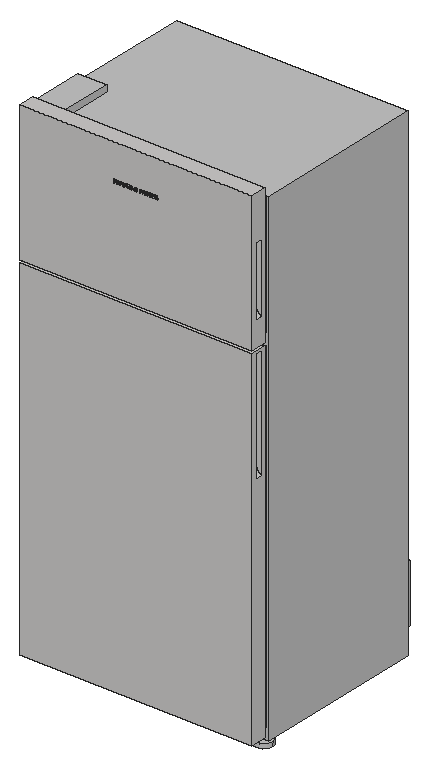
Revit family "FP_Revit_18_RF521TL_Fridges_90001130A", category Specialty Equipment, Revit 2018
Family settings
  Round Connector Dimension = Use Diameter
  Part Type = Normal
  OmniClass Number = 23.40.40.11.11.17
  OmniClass Title = Refrigerator-Freezer
  Work Plane-Based = No
  Always vertical = Yes
  Cut with Voids When Loaded = Yes
  Shared = No
  Room Calculation Point = No
Parameters (values of type "RF521TLPX6")
  Visibility - Clearance Required = yes
  URL = "www.fisherpaykel.com"
  Product - Width = 790 mm  # constant formula
  Product - Height = 1720 mm  # constant formula
  Product - Depth = 695 mm  # constant formula
  Model = "RF521TLPX6"
  Material - Door Structure = Fisher & Paykel - White
  Material - Door Front = Fisher & Paykel - Stainless Steel
  Material - Body = Fisher & Paykel - Grey
  Manufacturer = "Fisher & Paykel Appliances"
  Description = "79cm Freestanding Refrigerator with Bottom Freezer (Stainless)"
  Connector Description - Electrical = "230 V, 10 A, fused electrical supply"
  Chassis - Width = 790 mm  # constant formula
  Chassis - Height = 1662 mm  # constant formula
  Chassis - Depth = 625 mm  # constant formula
  Cavity - Width = 830 mm  # constant formula
  Cavity - Height = 1735 mm  # constant formula
  Cavity - Depth = 625 mm  # constant formula
Types (5, lengths in mm): name | Model | Material - Door Front | Description | Connector Description - Electrical
  (no name) | "RF521TLPX6" | Fisher & Paykel - Stainless Steel | "79cm Freestanding Refrigerator with Bottom Freezer (Stainless)" | "230 V, 10 A, fused electrical supply"
  RF521TLPX6 | "RF521TLPX6" | Fisher & Paykel - Stainless Steel | "79cm Freestanding Refrigerator with Bottom Freezer (Stainless)" | "230 V, 10 A, fused electrical supply"
  RF521TLZX6 | "RF521TLZX6" | Fisher & Paykel - Stainless Steel | "79cm Freestanding Refrigerator with Bottom Freezer (Stainless)" | "230 V, 10 A, fused electrical supply"
  RF521TLZW6 | "RF521TLZW6" | Fisher & Paykel - White | "79cm Freestanding Refrigerator with Bottom Freezer (White)" | "230 V, 10 A, fused electrical supply"
  RF521TLPW6 | "RF521TLPW6" | Fisher & Paykel - White | "79cm Freestanding Refrigerator with Bottom Freezer (White)" | "120 V, 10 A, fused electrical supply"
Reference planes
  plane 1 "Datum": y = 0
  plane 2: z = 0
  plane 3 "Center (Left/Right)": x = 0
  plane 4 "Product LHS": x = -395
  plane 5 "Product RHS": x = 395
  plane 6 "Product - Depth": y = 625
  plane 7 "Cavity LHS": x = -415
  plane 8 "Cavity RHS": x = 415
  plane 9 "Cavity - Depth": y = 625
  plane 10 "Handle Offset": x = 298
  plane 11 "Product Height": z = 1720
  plane 12 "Cavity Height": z = 1735
  plane 13 "Door Panel Front": y = -70
Forms (mm)
  Extrusion 1, solid, material "Fisher & Paykel - Grey" <- "Material - Body"
    sketch origin (0, 0, 0) x (0, 1, 0) y (0, 0, 1)
      loop
        line (0, 24) -> (595, 24) -> (595, 1686) -> (0, 1686) -> (0, 24)
    from -395 to 395
  Extrusion 2, solid, material "Fisher & Paykel - Grey" <- "Material - Body"
    sketch origin (0, 0, 0) x (1, 0, 0) y (0, 1, 0)
      loop
        circle (-365, 18.6) r 4.9
      loop
        circle (365, 18.6) r 4.9
    from 14 to 24
  Extrusion 3, solid, material "Fisher & Paykel - Grey" <- "Material - Body"
    sketch origin (0, 0, 0) x (1, 0, 0) y (0, 1, 0)
      loop
        circle (-365, 18.6) r 30
      loop
        circle (365, 18.6) r 30
    from 0 to 14
  Extrusion 4, solid, material "Fisher & Paykel - Grey" <- "Material - Body"
    sketch origin (0, 0, 0) x (1, 0, 0) y (0, 0, 1)
      loop
        circle (355.042, 69) r 5
    from -615 to -595
  Extrusion 5, solid, material "Fisher & Paykel - White" <- "Material - Door Structure"
    sketch origin (0, 0, 0) x (1, 0, 0) y (0, 1, 0)
      loop
        line (-387, 0) -> (-387, -15) -> (387, -15) -> (387, 0) -> (-387, 0)
    from 1269 to 1680
  Extrusion 6, solid, material "Fisher & Paykel - Stainless Steel" <- "Material - Door Front"
    sketch origin (0, 0, 0) x (1, 0, 0) y (0, 1, 0)
      loop
        line (-395, -15) -> (-395, -70) -> (395, -70) -> (395, -15) -> (-395, -15)
    from 1247 to 1720
  Extrusion 7, solid, material "Fisher & Paykel - Grey" <- "Material - Body", detail levels fine
    sketch origin (0, 0, -4) x (0, 1, 0) y (0, 0, 1)
      loop
        arc (62.091, 28) -> (87.5, 4) -> (112.909, 28) r 25.45
        line (112.909, 28) -> (62.091, 28)
      loop
        arc (503.639, 28) -> (529.047, 4) -> (554.456, 28) r 25.45
        line (554.456, 28) -> (503.639, 28)
    from 325.45 to 342.5
  Extrusion 8, solid, material "Fisher & Paykel - Clearance Required", visible <- "Visibility - Clearance Required", detail levels coarse
    sketch origin (0, 0, 0) x (1, 0, 0) y (0, 1, 0)
      loop
        line (-415, 625) -> (-415, 0) -> (-530, 0) -> (-530, -70) -> (415, -70) -> (415, 625) -> (-415, 625)
    from 0 to 1735
  Extrusion 9, void
    sketch origin (0, 0, 0) x (1, 0, 0) y (0, 1, 0)
      loop
        line (-415, 625) -> (-415, 0) -> (-530, 0) -> (-530, -70) -> (415, -70) -> (415, 625) -> (-415, 625)
    from 0 to 1735
  Extrusion 10, solid, material "Fisher & Paykel - Stainless Steel" <- "Material - Door Front"
    sketch origin (0, 0, 0) x (1, 0, 0) y (0, 1, 0)
      loop
        line (-395, -15) -> (-395, -70) -> (395, -70) -> (395, -15) -> (-395, -15)
    from 40 to 1237
  Extrusion 11, solid, material "Fisher & Paykel - White" <- "Material - Door Structure"
    sketch origin (0, 0, 0) x (1, 0, 0) y (0, 1, 0)
      loop
        line (-387, 0) -> (-387, -15) -> (387, -15) -> (387, 0) -> (-387, 0)
    from 62 to 1229
  Extrusion 12, solid, material "Fisher & Paykel - Grey" <- "Material - Body"
    sketch origin (229.237, 0, 0) x (0, 1, 0) y (0, 0, 1)
      loop
        line (595, 324) -> (595, 94) -> (625, 94) -> (625, 294) -> (595, 324)
    from -604.237 to 145.763
  Extrusion 13, solid, material "Fisher & Paykel - Grey" <- "Material - Body"
    sketch origin (0, 0, 0) x (0, 1, 0) y (0, 0, 1)
      loop
        line (595, 94) -> (595, 24) -> (625, 24) -> (625, 94) -> (595, 94)
    from -375 to 345
  Extrusion 14, solid, material "Fisher & Paykel - Grey" <- "Material - Body", detail levels fine
    sketch origin (0, 0, -4) x (0, 1, 0) y (0, 0, -1)
      loop
        line (62.091, -28) -> (112.909, -28)
        arc (112.909, -28) -> (87.5, -4) -> (62.091, -28) r 25.45
      loop
        line (503.639, -28) -> (554.456, -28)
        arc (554.456, -28) -> (529.047, -4) -> (503.639, -28) r 25.45
    from 325.45 to 342.5
  Extrusion 15, solid, material "Fisher & Paykel - Grey" <- "Material - Body"
    sketch origin (0, 0, 0) x (1, 0, 0) y (0, 1, 0)
      loop
        line (-296.4, 174) -> (-393.4, 174) -> (-393.4, -15) -> (-296.4, -15) -> (-296.4, 174)
    from 1686 to 1708
  Extrusion 16, solid, material "Fisher & Paykel - Clearance Required", visible <- "Visibility - Clearance Required", detail levels coarse
    sketch origin (0, 0, 0) x (1, 0, 0) y (0, 1, 0)
      loop
        line (-460.698, -70) -> (-975.827, -531.456)
        arc (-975.827, -531.456) -> (-135.432, -761.124) -> (395, -70) r 781.226
        line (395, -70) -> (-460.698, -70)
    from 0 to 1735
  Extrusion 17, void
    sketch origin (0, 0, 0) x (1, 0, 0) y (0, 0, 1)
      loop
        arc (395, 1570.451) -> (376.652, 1550.574) -> (370, 1524.354) r 55
        line (370, 1524.354) -> (370, 1376.823)
        arc (370, 1376.823) -> (376.652, 1350.604) -> (395, 1330.726) r 54.999
        line (395, 1330.726) -> (395, 1570.451)
      loop
        arc (395, 1230.725) -> (376.652, 1210.848) -> (370, 1184.628) r 55
        line (370, 1184.628) -> (370, 892.098)
        arc (370, 892.098) -> (376.652, 865.878) -> (395, 846.001) r 54.999
        line (395, 846.001) -> (395, 1230.725)
    from 29 to 56
Cuts and joins
  joined: Extrusion 12, Extrusion 13
  Extrusion 17 cuts Extrusion 1
  Extrusion 17 cuts Extrusion 5
  Extrusion 17 cuts Extrusion 6
  Extrusion 17 cuts Extrusion 10
  Extrusion 17 cuts Extrusion 11
  Extrusion 17 cuts Extrusion 16
Text (mm)
  text "Due to ongoing product development, product details are subject to change without notice. \nPlease always refer to www.fisherpaykel.com for the most current product information. \n© Fisher & Paykel 2020" at (41.04, -848.295, 0), in view "Ref. Level (Plan)"
Dimensions and locks
  equal spacing: plane 4 "Product LHS", plane 3 "Center (Left/Right)", plane 5 "Product RHS"
  "Product - Width": plane 4 "Product LHS" to plane 5 "Product RHS"
  "Chassis - Depth": plane 1 "Datum" to plane 6 "Product - Depth"
  equal spacing: plane 7 "Cavity LHS", plane 3 "Center (Left/Right)", plane 8 "Cavity RHS"
  "Cavity - Width": plane 7 "Cavity LHS" to plane 8 "Cavity RHS"
  "Cavity - Depth": plane 9 "Cavity - Depth" to plane 1 "Datum"
  plane 4 "Product LHS" to plane 10 "Handle Offset" = 693 mm
  Extrusion 4 sketch curve to plane 5 "Product RHS" = 39.958 mm
  Extrusion 3 to level = 14 mm
  "Product - Height": level to plane 11 "Product Height"
  Extrusion 1 sketch curve to plane 11 "Product Height" = 34 mm
  "Cavity - Height": plane 12 "Cavity Height" to level
  "Product - Depth": plane 6 "Product - Depth" to cut or joined group of Extrusion 16, Extrusion 17
  "Chassis - Width": cut or joined group of Extrusion 1, Extrusion 17 to cut or joined group of Extrusion 1, Extrusion 17
  "Chassis - Height": cut or joined group of Extrusion 1, Extrusion 17 to cut or joined group of Extrusion 1, Extrusion 17
  plane 11 "Product Height" to nested 1 = 124 mm
  radius of Extrusion 4 sketch curve = 5 mm
  aligned and locked: level to plane 2
  aligned and locked: Extrusion 1 to plane 5 "Product RHS"
  aligned and locked: plane 4 "Product LHS" to Extrusion 1
  aligned and locked: Extrusion 6 sketch curve to plane 4 "Product LHS"
  aligned and locked: plane 5 "Product RHS" to Extrusion 6 sketch curve
  aligned and locked: Extrusion 1 sketch curve to plane 1 "Datum"
  aligned and locked: Extrusion 13 sketch curve to plane 6 "Product - Depth"
  aligned and locked: Extrusion 4 to Extrusion 1
  aligned and locked: Extrusion 15 to Extrusion 1
  aligned and locked: Extrusion 16 to plane 12 "Cavity Height"
  aligned and locked: Extrusion 9 sketch curve to plane 1 "Datum"
  aligned and locked: plane 5 "Product RHS" to Extrusion 17 sketch curve  (x2)
  aligned and locked: Extrusion 8 to Extrusion 9
Automatic sketch dimensions
  Extrusion 1 sketch curve to plane 6 "Product - Depth" = 30 mm
  level to Extrusion 1 sketch curve = 24 mm
  level to Extrusion 4 sketch curve = 69 mm
  plane 1 "Datum" to Extrusion 5 sketch curve = 0 mm
  Extrusion 5 sketch curve to plane 4 "Product LHS" = 8 mm
  plane 5 "Product RHS" to Extrusion 5 sketch curve = 8 mm
  plane 1 "Datum" to Extrusion 5 sketch curve = 15 mm
  plane 1 "Datum" to Extrusion 6 sketch curve = 70 mm
  plane 1 "Datum" to Extrusion 6 sketch curve = 15 mm
  level to Extrusion 7 sketch curve = 24 mm  (x2)
  Extrusion 7 sketch curve to plane 1 "Datum" = 62.091 mm
  Extrusion 7 sketch curve to Extrusion 7 sketch curve = 25.409 mm  (x2)
  Extrusion 7 sketch curve to plane 6 "Product - Depth" = 121.361 mm
  Extrusion 7 sketch curve to Extrusion 7 sketch curve = 1.45 mm  (x2)
  Extrusion 10 sketch curve to plane 4 "Product LHS" = 0 mm
  Extrusion 10 sketch curve to plane 5 "Product RHS" = 0 mm
  plane 1 "Datum" to Extrusion 10 sketch curve = 70 mm
  plane 1 "Datum" to Extrusion 10 sketch curve = 15 mm
  plane 1 "Datum" to Extrusion 11 sketch curve = 0 mm
  Extrusion 11 sketch curve to plane 4 "Product LHS" = 8 mm
  plane 5 "Product RHS" to Extrusion 11 sketch curve = 8 mm
  plane 1 "Datum" to Extrusion 11 sketch curve = 15 mm
  Extrusion 12 sketch curve to plane 6 "Product - Depth" = 0 mm
  Extrusion 12 sketch curve to plane 6 "Product - Depth" = 30 mm
  level to Extrusion 12 sketch curve = 94 mm
  Extrusion 12 sketch curve to Extrusion 12 sketch curve = 200 mm
  Extrusion 12 sketch curve to Extrusion 12 sketch curve = 30 mm
  Extrusion 13 sketch curve to Extrusion 13 sketch curve = 30 mm
  level to Extrusion 13 sketch curve = 24 mm
  Extrusion 13 sketch curve to Extrusion 13 sketch curve = 70 mm
  level to Extrusion 14 sketch curve = 24 mm  (x2)
  Extrusion 14 sketch curve to plane 1 "Datum" = 62.091 mm
  Extrusion 14 sketch curve to Extrusion 14 sketch curve = 25.409 mm  (x2)
  Extrusion 14 sketch curve to plane 6 "Product - Depth" = 121.361 mm
  level to Extrusion 14 sketch curve = 25.45 mm
  Extrusion 14 sketch curve to Extrusion 14 sketch curve = 1.45 mm
  Extrusion 3 sketch curve to plane 4 "Product LHS" = 30 mm
  plane 5 "Product RHS" to Extrusion 3 sketch curve = 30 mm
  Extrusion 3 sketch curve to plane 1 "Datum" = 18.6 mm  (x2)
  Extrusion 2 sketch curve to plane 4 "Product LHS" = 30 mm
  plane 5 "Product RHS" to Extrusion 2 sketch curve = 30 mm
  Extrusion 2 sketch curve to plane 1 "Datum" = 18.6 mm  (x2)
  Extrusion 15 sketch curve to plane 4 "Product LHS" = 1.6 mm
  plane 1 "Datum" to Extrusion 15 sketch curve = 15 mm
  Extrusion 15 sketch curve to Extrusion 15 sketch curve = 97 mm
  Extrusion 15 sketch curve to plane 1 "Datum" = 174 mm
  plane 7 "Cavity LHS" to Extrusion 16 sketch curve = 560.827 mm
  plane 7 "Cavity LHS" to Extrusion 16 sketch curve = 45.698 mm
  Extrusion 16 sketch curve to plane 4 "Product LHS" = 10.329 mm
  Extrusion 16 sketch curve to plane 5 "Product RHS" = 0 mm
  plane 1 "Datum" to Extrusion 16 sketch curve = 531.456 mm
  Extrusion 9 sketch curve to plane 7 "Cavity LHS" = 0 mm
  Extrusion 9 sketch curve to plane 9 "Cavity - Depth" = 0 mm
  plane 7 "Cavity LHS" to Extrusion 9 sketch curve = 115 mm
  plane 1 "Datum" to Extrusion 16 sketch curve = 70 mm
  plane 5 "Product RHS" to Extrusion 17 sketch curve = 25 mm  (x2)
  Extrusion 17 sketch curve to plane 8 "Cavity RHS" = 9.999 mm  (x2)
  Extrusion 17 sketch curve to plane 8 "Cavity RHS" = 10 mm  (x2)
  level to Extrusion 17 sketch curve = 846.001 mm
  Extrusion 17 sketch curve to Extrusion 17 sketch curve = 292.53 mm
  Extrusion 17 sketch curve to Extrusion 17 sketch curve = 100.001 mm
  Extrusion 17 sketch curve to Extrusion 17 sketch curve = 147.531 mm
  plane 1 "Datum" to Extrusion 9 sketch curve = 70 mm
  Extrusion 9 sketch curve to plane 8 "Cavity RHS" = 0 mm
  plane 1 "Datum" to Extrusion 8 sketch curve = 0 mm
  Extrusion 8 sketch curve to plane 6 "Product - Depth" = 0 mm
  Extrusion 8 sketch curve to plane 7 "Cavity LHS" = 0 mm
  Extrusion 8 sketch curve to plane 8 "Cavity RHS" = 0 mm
  plane 7 "Cavity LHS" to Extrusion 8 sketch curve = 115 mm
  plane 1 "Datum" to Extrusion 8 sketch curve = 70 mm
  radius of Extrusion 3 sketch curve = 30 mm  (x2)
  radius of Extrusion 2 sketch curve = 4.9 mm  (x2)
Nested families
  nested 1: "F&P Logo 150mm" at (0, -70, 1596), type "F&P Logo 150mm"
Connectors
  electrical at (355.042, 615, 69), driven by "Connector Description - Electrical"
    settings: on Extrusion 4, index 2, voltage 230 V, apparent load 0 VA, apparent load phase1 0 VA, apparent load phase2 0 VA, apparent load phase3 0 VA, power factor 1, load classification "Other", number of poles 1, system type 30, power factor state 1, is connector primary yes, connector utility no, sub classification motor no, connector description "230 V, 10 A, fused electrical supply"
Definition of nested family "F&P Logo 150mm"
  Parameters (values of type "F&P Logo 150mm")
    URL = "www.fisherpaykel.com"
    Material - Logo = none
    Manufacturer = "Fisher & Paykel Appliances"
  Reference planes
    plane 1 "Center (Front/Back)": y = 0
    plane 2: z = 0
    plane 3 "Center (Left/Right)": x = 0
  Forms (mm)
    Extrusion 1, solid, material <- "Material - Logo", detail levels fine
      sketch origin (0, 0, 0) x (1, 0, 0) y (0, 0, 1)
        loop
          line (-74.994, 0) -> (-72.633, 0) -> (-72.633, 3.207) -> (-68.944, 3.207) -> (-68.944, 5.208) -> (-72.633, 5.208) -> (-72.633, 7.068) -> (-68.62, 7.068) -> (-68.62, 9.06) -> (-74.994, 9.06) -> (-74.994, 0)
        loop
          line (-64.134, 9.06) -> (-64.134, 0) -> (-61.773, 0) -> (-61.773, 9.06) -> (-64.134, 9.06)
        loop
          line (-46.015, 9.06) -> (-46.015, 0) -> (-43.654, 0) -> (-43.654, 3.63) -> (-40.187, 3.63) -> (-40.187, 0) -> (-37.826, 0) -> (-37.826, 9.06) -> (-40.187, 9.06) -> (-40.187, 5.622) -> (-43.654, 5.622) -> (-43.654, 9.06) -> (-46.015, 9.06)
        loop
          line (-32.787, 9.06) -> (-32.787, 0) -> (-26.332, 0) -> (-26.332, 1.992) -> (-30.448, 1.992) -> (-30.448, 3.63) -> (-26.686, 3.63) -> (-26.686, 5.622) -> (-30.448, 5.622) -> (-30.448, 7.068) -> (-26.332, 7.068) -> (-26.332, 9.06) -> (-32.787, 9.06)
        loop
          line (68.572, 9.06) -> (68.572, 0) -> (75.006, 0) -> (75.006, 1.992) -> (70.933, 1.992) -> (70.933, 9.06) -> (68.572, 9.06)
        loop
          line (63.719, 9.06) -> (57.241, 9.06) -> (57.241, 0) -> (63.719, 0) -> (63.719, 1.992) -> (59.602, 1.992) -> (59.602, 3.63) -> (63.364, 3.63) -> (63.364, 5.622) -> (59.602, 5.622) -> (59.602, 7.068) -> (63.719, 7.068) -> (63.719, 9.06)
        loop
          line (50.248, 4.722) -> (53.597, 9.06) -> (50.837, 9.06) -> (47.945, 5.313) -> (47.945, 9.06) -> (45.585, 9.06) -> (45.585, 0) -> (47.945, 0) -> (47.945, 4.058) -> (50.926, 0) -> (53.716, 0) -> (50.248, 4.722)
        loop
          line (33.043, 9.06) -> (36.466, 3.63) -> (36.466, 0) -> (38.827, 0) -> (38.827, 3.511) -> (42.25, 9.06) -> (39.742, 9.06) -> (37.721, 5.561) -> (35.701, 9.06) -> (33.043, 9.06)
        loop
          line (27.79, 9.06) -> (25.547, 9.06) -> (21.858, 0) -> (24.175, 0) -> (24.824, 1.668) -> (28.454, 1.668) -> (29.103, 0) -> (31.479, 0) -> (27.79, 9.06)
        loop
          line (27.671, 3.659) -> (26.612, 6.261) -> (25.599, 3.659) -> (27.671, 3.659)
        loop
          line (12.119, 9.06) -> (12.119, 0) -> (14.48, 0) -> (14.48, 2.907) -> (15.971, 2.907)
          arc (15.971, 2.907) -> (19.048, 5.983) -> (15.971, 9.06) r 3.077
          line (15.971, 9.06) -> (12.119, 9.06)
        loop
          line (14.48, 7.068) -> (14.48, 4.796) -> (15.824, 4.796)
          arc (15.824, 4.796) -> (16.96, 5.932) -> (15.824, 7.068) r 1.136
          line (15.824, 7.068) -> (14.48, 7.068)
        loop
          line (-17.602, 9.06) -> (-21.477, 9.06) -> (-21.477, 0) -> (-19.116, 0) -> (-19.116, 2.522) -> (-18.311, 2.522) -> (-16.387, 0) -> (-13.657, 0) -> (-15.969, 2.959)
          arc (-15.969, 2.959) -> (-14.445, 6.636) -> (-17.602, 9.06) r 3.269
        loop
          line (-17.774, 7.068) -> (-19.116, 7.068) -> (-19.116, 4.579) -> (-17.774, 4.579)
          arc (-17.774, 4.579) -> (-16.529, 5.823) -> (-17.774, 7.068) r 1.244
        loop
          line (0.788, 7.068) -> (0.788, 9.229) -> (-5.291, 9.229) -> (-5.291, 7.276) -> (-4.389, 6.167)
          arc (-4.389, 6.167) -> (-5.193, 1.025) -> (0.005, 0.768) r 3.5
          line (0.005, 0.768) -> (0.63, 0) -> (3.308, 0) -> (1.362, 2.391) -> (3.12, 4.924) -> (0.694, 4.924) -> (0.053, 4) -> (-2.443, 7.068) -> (0.788, 7.068)
        loop
          arc (-3.116, 4.603) -> (-3.331, 2.502) -> (-1.23, 2.286) r 1.493
          line (-1.23, 2.286) -> (-3.116, 4.603)
        loop
          line (-52.698, 5.451) -> (-54.701, 5.866)
          arc (-54.701, 5.866) -> (-55.501, 6.665) -> (-54.701, 7.465) r 0.799
          arc (-54.701, 7.465) -> (-52.78, 7.185) -> (-51.017, 6.371) r 6.757
          line (-51.017, 6.371) -> (-51.017, 8.615)
          arc (-51.017, 8.615) -> (-53.252, 9.269) -> (-55.578, 9.164) r 7.089
          arc (-55.578, 9.164) -> (-57.732, 6.502) -> (-55.578, 3.841) r 2.721
          line (-55.578, 3.841) -> (-53.559, 3.423)
          arc (-53.559, 3.423) -> (-52.76, 2.623) -> (-53.559, 1.824) r 0.799
          arc (-53.559, 1.824) -> (-55.481, 2.103) -> (-57.244, 2.917) r 6.757
          line (-57.244, 2.917) -> (-57.244, 0.674)
          arc (-57.244, 0.674) -> (-55.009, 0.02) -> (-52.682, 0.125) r 7.089
          arc (-52.682, 0.125) -> (-50.529, 2.795) -> (-52.698, 5.451) r 2.721
      from 0 to 0.8
  Dimensions and locks
    aligned and locked: level to plane 2
